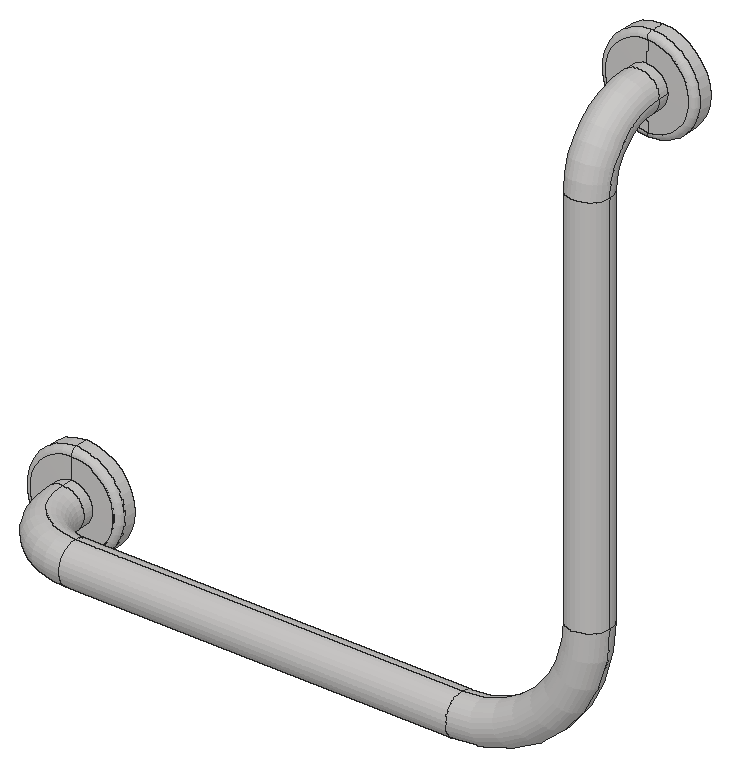
Revit family "rba-bim-rba4098-450", category Plumbing Fixtures, Revit 2018
Family settings
  Round Connector Dimension = Use Diameter
  Part Type = Normal
  Work Plane-Based = No
  Always vertical = Yes
  Cut with Voids When Loaded = No
  Shared = Yes
  Room Calculation Point = No
Parameters (values of type "RBA4098-450")
  Watermarked By = "www.rba.com.au"
  URL = "http://www.rba.com.au/accessible-disabled/grab-rails"
  Phone Number = "1300 788 778"
  OFFSET [instance] = 800.00 mm
  Modified Issue = "20200227.01"
  Model = "RBA4098-450"
  Materials and Finishes = Bright Polished Stainless Steel
  Manufacturer = "RBA Group"
  Lgth = 900.00 mm
  Diameter = 32.00 mm
  Description = "90° Ambulant Angled Grab Rail"
  Copyrighted by = "RBA Group"  # constant formula
Reference planes
  plane 1 "Center (Front/Back)": y = 0
  plane 2: z = 0
  plane 3 "Center (Left/Right)": x = 0
  plane 4: z = 800
  plane 5: z = 784
  plane 6: z = 1234
  plane 7: y = -55
  plane 8: y = -71
  plane 9: y = -87
  plane 10: x = -16
Forms (mm)
  Revolve 1, solid, material "Bright Polished Stainless Steel" <- "Materials and Finishes"
    sketch origin (0, 0, 0.016) x (0, 1, 0) y (0, 0, 1)
      loop
        line (-14.798, 1233.984) -> (0, 1233.984) -> (0, 1271.484) -> (-9.683, 1271.484)
        arc (-9.683, 1271.484) -> (-13.194, 1270.036) -> (-14.663, 1266.534) r 4.979
        arc (-14.663, 1266.534) -> (-14.721, 1258.245) -> (-14.798, 1249.984) r 3642.758
        line (-14.798, 1249.984) -> (-14.798, 1233.984)
      axis (0, 1233.984) -> (-14.798, 1233.984)
    angle from 0 to 360
  Extrusion 2, void
    sketch origin (0, 0, 0) x (1, 0, 0) y (0, 0, 1)
      loop
        circle (0, 1234) r 36
    from 0 to 2.847
  Extrusion 3, void
    sketch origin (0, 0, 0) x (1, 0, 0) y (0, 0, 1)
      loop
        circle (27.5, 1233.984) r 5
      loop
        circle (-27.5, 1233.984) r 5
    from 2.847 to 5.822
  Sweep 4, solid, material "Bright Polished Stainless Steel" <- "Materials and Finishes"
    path origin (0, 0, 0) x (0, 1, 0) y (0, 0, 1)
      loop
        line (-14.798, 1234) -> (-23, 1234)
        arc (-23, 1234) -> (-56.941, 1219.941) -> (-71, 1186) r 48
    profile origin (0, -18.899, 1234) x (0, 0, -1) y (1, 0, 0)
      loop
        circle (0, 0) r 16
  Revolve 5, solid, material "Bright Polished Stainless Steel" <- "Materials and Finishes"
    sketch origin (-450, 0, -449.984) x (0, 1, 0) y (0, 0, 1)
      loop
        line (-14.798, 1233.984) -> (0, 1233.984) -> (0, 1271.484) -> (-9.683, 1271.484)
        arc (-9.683, 1271.484) -> (-13.194, 1270.036) -> (-14.663, 1266.534) r 4.979
        arc (-14.663, 1266.534) -> (-14.721, 1258.245) -> (-14.798, 1249.984) r 3642.758
        line (-14.798, 1249.984) -> (-14.798, 1233.984)
      axis (0, 1233.984) -> (-14.798, 1233.984)
    angle from 0 to 360
  Extrusion 6, void
    sketch origin (-450, 0, -450) x (1, 0, 0) y (0, 0, 1)
      loop
        circle (0, 1234) r 36
    from 0 to 2.847
  Sweep 7, solid, material "Bright Polished Stainless Steel" <- "Materials and Finishes"
    path origin (784, 0, 784) x (0, 1, 0) y (-1, 0, 0)
      loop
        line (-14.798, 1234) -> (-23, 1234)
        arc (-23, 1234) -> (-56.941, 1219.941) -> (-71, 1186) r 48
    profile origin (-450, -18.899, 784) x (1, 0, 0) y (0, 0, 1)
      loop
        circle (0, 0) r 16
  Sweep 8, solid, material "Bright Polished Stainless Steel" <- "Materials and Finishes"
    path origin (0, -71, 0) x (1, 0, 0) y (0, 0, 1)
      loop
        line (0, 1186) -> (0, 884)
        arc (0, 884) -> (-29.289, 813.289) -> (-100, 784) r 100
        line (-100, 784) -> (-402, 784)
    profile origin (0, -71, 1035) x (0, -1, 0) y (1, 0, 0)
      loop
        circle (0, 0) r 16
  Extrusion 9, void
    sketch origin (0, 0, 0) x (1, 0, 0) y (0, 0, 1)
      loop
        circle (-477.5, 783.984) r 5
      loop
        circle (-422.5, 783.984) r 5
    from 2.847 to 5.822
Cuts and joins
  Extrusion 2, Extrusion 3 cuts Revolve 1
  Extrusion 6, Extrusion 9 cuts Revolve 5
  joined: Revolve 1, Sweep 4, Revolve 5, Sweep 7, Sweep 8
Dimensions and locks
  plane 6 to plane 5 = 450.00 mm
  aligned and locked: level to plane 2
